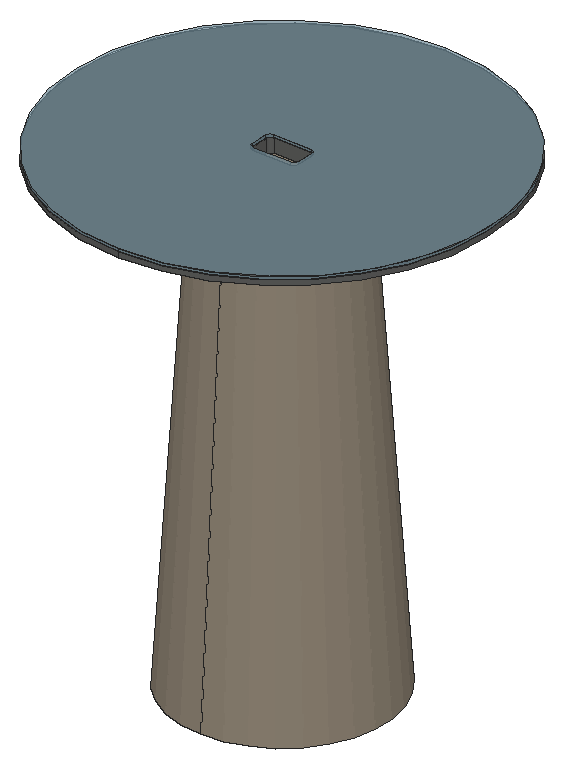
Revit family "Table-Teknion-MXSCO-Cone_Base_Round_Specialty_Top-Expansion_Meeting-R2023", category Furniture, Revit 2023
Family settings
  OmniClass Number = 23.40.20.00
  OmniClass Title = General Furniture and Specialties
  Work Plane-Based = No
  Enable Cutting in Views = No
  Always vertical = Yes
  Cut with Voids When Loaded = No
  Render Appearance Source = Family Geometry
  Shared = Yes
  Room Calculation Point = No
Parameters (values of type "(FD) Flush Module – Dual")
  Speciality Top Glass Finish [instance] = Backpainted Glass - Teknion - HV - Accent - Atmosphere
  Diameter [instance] = 36.000"
  Cut = yes
  (M) Flat Edge (1-3/16") [instance] = not([(W) Deep Knife Edge (1-3/16")])  # no
  Worksurface Finish [instance] = Foundation Laminate-Teknion-6K-Matte-Black
  Warranty = "http://www.teknion.com/ca/papers/legal-canada"
  Unit Weight URL = "http://www.teknion.com/ca/tools/assets#&asset=bee6a381-b954-425e-8283-5a2de3a804f2,f828d448-4b62-4231-9e5f-9a8991c0ed77"
  URL = "www.teknion.com"
  To render please download texture images found here [instance] = "https://assets.teknion.com/web/5e81352c1dfdb467/revit-material-swatches/"
  Sustainability Data = "https://www.teknion.com/ca/tools/assets#&topic=216f99a5-57a0-44fc-b10a-9dee9b29ae4c&asset=444deb64-fe58-4b68-981e-f75e97781df7,b4ff2d81-9f2e-437d-9659-7cffb09c31cf"
  Support Finish [instance] = Paint - Teknion - Mica - Sepia Bronze
  Series = "Meeting Tables"  # constant formula
  Product Page URL = "https://www.teknion.com/products/product-details?productlineid=3982336e-8e7a-673b-a6c8-ff00004460c4"
  Product Line = "Expansion"  # constant formula
  Product Documentation Link = "http://www.teknion.com/pricing/Expansion-meeting/pdfs/MXSCO_ppg.pdf"
  Part Number = "MXSCO"  # constant formula
  Model = "MXSCOW____FD"
  Manufacturer Phone = "416-661-3370"  # constant formula
  Manufacturer Fax = "416.661.4586"  # constant formula
  Manufacturer Contact Information = "http://www.teknion.com/ca/contactus"
  Manufacturer Address = "1150 Flint Road, Toronto, ON. M3J 2J5. Canada"  # constant formula
  Manufacturer = "Teknion"  # constant formula
  Leg - 48 [instance] = Diameter < 48.500"  # yes
  How To Use Teknion Materials User Guide [instance] = "https://assets.teknion.com/m/205dd0a49fa58060/original/How-to-add-a-Material-Library-and-Texture-Images-to-your-Revit-project.pdf"
  Height [instance] = 42.000"
  Grommet Dim [instance] = if(FT, 5.800", if(FD, 4.094", 4.094"))  # 4.094"
  For Additional Finishes please visit [instance] = "https://assets.teknion.com/m/44a8009b046e5d47/original/Teknion_Materials_Library.zip"
  FT = no
  FD = yes
  Edge Options [instance] = "Pick Only One"  # constant formula
  Description = "Cone Base Table – Round with Specialty Top"  # constant formula
  Default Elevation = 0.000"
  (W) Deep Knife Edge (1-3/16") [instance] = yes
  Available Height [instance] = "29, 36 & 42 Inches"  # constant formula
  Available Diameter [instance] = if(Height = 29.000", "42, 48 & 54 Inches", if(Height = 36.000", "36 & 42 Inches", if(Height = 42.000", "36 & 42 Inches", "36, 42, 48 & 54 Inches")))  # "36 & 42 Inches"
  Assembly Code = "E2020200"
Types (4): name | Speciality Top Glass Finish | Diameter | Cut | Worksurface Finish | Support Finish | Model | Leg - 48 | Height | Grommet Dim | FT | FD | Available Diameter
  (no name) | Backpainted Glass - Teknion - HV - Accent - Atmosphere | 36.000" | yes | Foundation Laminate-Teknion-6K-Matte-Black | Paint - Teknion - Mica - Sepia Bronze | "MXSCOW____FD" | yes | 42.000" | 4.094" | no | yes | "36 & 42 Inches"
  (NN) No Cutout | Backpainted Glass - Teknion - HS - Accent - Blush | 42.000" | no | Foundation Laminate - Teknion - XG - Very White | Paint - Teknion - KJ - Accent - Mulled Wine | "MXSCOW____NN" | yes | 29.000" | 4.094" | no | no | "42, 48 & 54 Inches"
  (FT) Flush Module – Triple | Backpainted Glass - Teknion - HT - Accent - Herbal | 54.000" | yes | Foundation Laminate - Teknion - XG - Very White | Paint - Teknion - CJ - Accent - Atmosphere | "MXSCOW____FT" | no | 29.000" | 5.800" | yes | no | "42, 48 & 54 Inches"
  (FD) Flush Module – Dual | Backpainted Glass - Teknion - HV - Accent - Atmosphere | 36.000" | yes | Foundation Laminate-Teknion-6K-Matte-Black | Paint - Teknion - Mica - Sepia Bronze | "MXSCOW____FD" | yes | 42.000" | 4.094" | no | yes | "36 & 42 Inches"
Reference planes (in)
  plane 1 "Center Front/Back": y = 0
  plane 2: z = 0
  plane 3 "Center Left/Right": x = 0
  plane 4 "Left": x = -18
  plane 5 "Right": x = 18
  plane 6 "Back": y = 18
  plane 7 "Front": y = -18
  plane 8 "Top": z = 42
Forms (in)
  Sweep 1, solid, material "Foundation Laminate-Teknion-6K-Matte-Black" <- "Worksurface Finish"
    path origin (0, 0, 0) x (1, 0, 0) y (0, 0, 1)
      loop
        line (0, 42) -> (0, 40.81102)
    profile origin (0, 0, 41.40551) x (0, -1, 0) y (1, 0, 0)
      loop
        circle (0, 0) r 18
  Sweep 2, void
    path in 3D
      loop
        arc (0, -18, 40.81102) -> (18, 0, 40.81102) -> (0, 18, 40.81102) r 18
        arc (0, 18, 40.81102) -> (-18, 0, 40.81102) -> (0, -18, 40.81102) r 18
    profile origin (-18, 0, 40.81102) x (-1, 0, 0) y (0, 0, -1)
      loop
        line (0, -0.77646) -> (0, 0) -> (-2.25499, 0) -> (0, -0.77646)
  Sweep 3, void
    path origin (0, 0, 0) x (1, 0, 0) y (0, 0, 1)
      loop
        line (0, 40.81102) -> (0, 43.31102)
    profile origin (0, 0, 42.06102) x (-1, 0, 0) y (0, -1, 0)
      loop
        arc (1.6533, -1.12205) -> (1.93169, -1.00673) -> (2.047, -0.72835) r 0.3937
        line (2.047, -0.72835) -> (2.047, 0.72835)
        arc (2.047, 0.72835) -> (1.93169, 1.00673) -> (1.6533, 1.12205) r 0.3937
        line (1.6533, 1.12205) -> (-1.6533, 1.12205)
        arc (-1.6533, 1.12205) -> (-1.93169, 1.00673) -> (-2.047, 0.72835) r 0.3937
        line (-2.047, 0.72835) -> (-2.047, -0.72835)
        arc (-2.047, -0.72835) -> (-1.93169, -1.00673) -> (-1.6533, -1.12205) r 0.3937
        line (-1.6533, -1.12205) -> (1.6533, -1.12205)
  Sweep 4, solid, material "Backpainted Glass - Teknion - HV - Accent - Atmosphere" <- "Speciality Top Glass Finish"
    path origin (0, 0, 0) x (1, 0, 0) y (0, 0, 1)
      loop
        line (0, 42) -> (0, 42.25)
    profile origin (0, 0, 42.125) x (-1, 0, 0) y (0, -1, 0)
      loop
        circle (0, 0) r 18
Cuts and joins
  Sweep 2, Sweep 3 cuts Sweep 1
  Sweep 3 cuts Sweep 4
Lines and regions (in)
  Masking region 1
    outline origin (0, 0, 0) x (1, 0, 0) y (0, 1, 0)
      loop
        circle (0, 0) r 18
  Masking region 2, visible <- "Cut"
    outline origin (0, 0, 0) x (1, 0, 0) y (0, 1, 0)
      loop
        arc (-1.6533, 1.12205) -> (-1.93169, 1.00673) -> (-2.047, 0.72835) r 0.3937
        line (-2.047, 0.72835) -> (-2.047, -0.72835)
        arc (-2.047, -0.72835) -> (-1.93169, -1.00673) -> (-1.6533, -1.12205) r 0.3937
        line (-1.6533, -1.12205) -> (1.6533, -1.12205)
        arc (1.6533, -1.12205) -> (1.93169, -1.00673) -> (2.047, -0.72835) r 0.3937
        line (2.047, -0.72835) -> (2.047, 0.72835)
        arc (2.047, 0.72835) -> (1.93169, 1.00673) -> (1.6533, 1.12205) r 0.3937
        line (1.6533, 1.12205) -> (-1.6533, 1.12205)
  sketch lines
    curve 1: arc (0, 18, 40.81102) -> (-18, 0, 40.81102) -> (0, -18, 40.81102) r 18
    curve 2: arc (0, -18, 40.81102) -> (18, 0, 40.81102) -> (0, 18, 40.81102) r 18
  reference lines
    curve 3: line (-18, 18, 0) -> (18, 18, 0)
    curve 4: line (-18, -18, 0) -> (-18, 18, 0)
    curve 5: line (18, -18, 0) -> (-18, -18, 0)
    curve 6: line (18, 18, 0) -> (18, -18, 0)
Dimensions and locks (in)
  "Diameter": plane 4 "Left" to plane 5 "Right"
  "Diameter": plane 6 "Back" to plane 7 "Front"
  "Height": plane 8 "Top" to level
  equal spacing: plane 4 "Left", plane 3 "Center Left/Right", plane 5 "Right"
  equal spacing: plane 6 "Back", plane 1 "Center Front/Back", plane 7 "Front"
  locked: plane 8 "Top" to Sweep 1 sketch curve at 1.18898
  Sweep 3 sketch curve to plane 8 "Top" to Sweep 3 sketch curve = 1.31102" locked, 1.18898" locked
  equal spacing: Sweep 3 sketch curve, profile plane, Sweep 3 sketch curve
  equal spacing: Sweep 3 sketch curve, profile plane, Sweep 3 sketch curve, locked at 1.12205 each
  "Grommet Dim": Sweep 3 sketch curve to Sweep 3 sketch curve
  Masking region 2 sketch curve to plane 1 "Center Front/Back" to Masking region 2 sketch curve = 1.12205" locked, 1.12205" locked
  equal spacing: Masking region 2 sketch curve, plane 3 "Center Left/Right", Masking region 2 sketch curve
  "Grommet Dim": Masking region 2 sketch curve to Masking region 2 sketch curve
  locked: Sweep 4 sketch curve to plane 8 "Top" at 0.25
  "Diameter": diameter of Sweep 1 sketch curve
  aligned and locked: level to plane 2
  aligned and locked: Sweep 1 sketch curve to plane 3 "Center Left/Right"
  aligned and locked: plane 8 "Top" to Sweep 1 sketch curve
  aligned and locked: plane 3 "Center Left/Right" to nested 1
  aligned and locked: plane 1 "Center Front/Back" to nested 1
  aligned and locked: Sweep 2 sketch curve to profile plane
  aligned and locked: profile plane to Sweep 2 sketch curve
  aligned and locked: plane 3 "Center Left/Right" to nested 2
  aligned and locked: plane 1 "Center Front/Back" to nested 2
  aligned and locked: plane 3 "Center Left/Right" to Sweep 3 sketch curve
  aligned and locked: Masking region 1 sketch curve to Sweep 2  (x2)
  aligned and locked: curve 3 to plane 6 "Back"
  aligned and locked: plane 4 "Left" to curve 4
  aligned and locked: curve 5 to plane 7 "Front"
  aligned and locked: plane 5 "Right" to curve 6
  aligned and locked: plane 8 "Top" to Sweep 4 sketch curve
  aligned and locked: plane 3 "Center Left/Right" to Sweep 4 sketch curve
  aligned and locked: Sweep 4 sketch curve to cut or joined group of Sweep 1, Sweep 2, Sweep 3  (x2)
Automatic sketch dimensions
  Sweep 2 sketch curve to profile plane = 0.77646"
  profile plane to Sweep 2 sketch curve = 2.25499"
  Masking region 1 sketch curve to plane 3 "Center Left/Right" = 0.000"  (x2)
  plane 1 "Center Front/Back" to Sweep 1 sketch curve = 0.000"
  Sweep 1 sketch curve to profile plane = 0.000"
  Sweep 3 sketch curve to Sweep 3 sketch curve = 0.3937"  (x4)
  Sweep 3 sketch curve to plane 1 "Center Front/Back" = 1.12205"
  Masking region 2 sketch curve to Masking region 2 sketch curve = 0.3937"  (x4)
Nested families (in)
  nested 1: "Teknion_2D_Node_Family-R2021" at (0, 0, 0), type "Teknion_2D_Node_Family-R2021"
  nested 2: "Leg-Cone-Exp_Meeting-R2022" at (0, 0, 0), Height <- "Height", 48- <- "Leg - 48", Support Finish <- "Support Finish", type "Cone Base"
    with Width 18.000", To render please download texture images found here "https://assets.teknion.com/web/5e81352c1dfdb467/revit-material-swatches/", Support Finish Paint - Teknion - Mica - Sepia Bronze, How To Use Teknion Materials User Guide "https://assets.teknion.com/m/205dd0a49fa58060/original/How-to-add-a-Material-Library-and-Texture-Images-to-your-Revit-project.pdf", Height 42.000", For Additional Finishes please visit "https://assets.teknion.com/m/44a8009b046e5d47/original/Teknion_Materials_Library.zip", Depth 6.250", 48- yes, 48+ no
Definition of nested family "Leg-Cone-Exp_Meeting-R2022"
  Parameters (values of type "Cone Base")
    Width [instance] = if([48-], 18.000", 21.000")  # 21.000"
    Warranty = "http://www.teknion.com/ca/papers/legal-canada"
    Unit Weight URL = "http://www.teknion.com/ca/tools/assets#&asset=bee6a381-b954-425e-8283-5a2de3a804f2,f828d448-4b62-4231-9e5f-9a8991c0ed77"
    URL = "www.teknion.com"
    To render please download texture images found here [instance] = "https://assets.teknion.com/web/5e81352c1dfdb467/revit-material-swatches/"
    Sustainability Data = "https://www.teknion.com/ca/tools/assets#&topic=216f99a5-57a0-44fc-b10a-9dee9b29ae4c&asset=444deb64-fe58-4b68-981e-f75e97781df7,b4ff2d81-9f2e-437d-9659-7cffb09c31cf"
    Support Finish [instance] = none
    Series = ""
    Product Page URL = ""
    Product Line = ""
    Product Documentation Link = ""
    Part Number = ""
    Model = "1"
    Manufacturer Phone = "416-661-3370"  # constant formula
    Manufacturer Fax = "416.661.4586"  # constant formula
    Manufacturer Contact Information = "http://www.teknion.com/ca/contactus"
    Manufacturer Address = "1150 Flint Road, Toronto, ON. M3J 2J5. Canada"  # constant formula
    Manufacturer = "Teknion"  # constant formula
    Length = 0.000"
    How To Use Teknion Materials User Guide [instance] = "https://assets.teknion.com/m/205dd0a49fa58060/original/How-to-add-a-Material-Library-and-Texture-Images-to-your-Revit-project.pdf"
    Height [instance] = 48.000"
    For Additional Finishes please visit [instance] = "https://assets.teknion.com/m/44a8009b046e5d47/original/Teknion_Materials_Library.zip"
    Depth [instance] = if([48-], 6.250", 7.000")  # 7.000"
    Default Elevation = 0.000"
    Assembly Code = "E2020200"
    48- [instance] = no
    48+ [instance] = yes
  Reference planes (in)
    plane 1 "Center Front/Back": y = 0
    plane 2: z = 0
    plane 3 "Center Left/Right": x = 0
    plane 4 "Left": x = -10.5
    plane 5 "Right": x = 10.5
    plane 6 "Back": y = 10.5
    plane 7 "Front": y = -10.5
    plane 8 "Top": z = 48
  Forms (in)
    SweptBlend 1, solid, material <- "Support Finish"
      path origin (0, 0, 0) x (1, 0, 0) y (0, 0, 1)
        loop
          line (0, 46.622) -> (0, 0.122)
      profile origin (0, 0, 46.622) x (0, -1, 0) y (1, 0, 0)
        loop
          circle (0.16417, -0.01026) r 7
      end profile origin (0, 0, 0.122) x (0, -1, 0) y (1, 0, 0)
        loop
          circle (0, 0) r 10.5
    Extrusion 2, solid, material <- "Support Finish"
      sketch origin (-0.01026, -0.16417, 46.622) x (1, 0, 0) y (0, 1, 0)
        loop
          line (7.62837, 10.66417) -> (-7.60785, 10.66417)
          arc (-7.60785, 10.66417) -> (-9.64565, 9.82009) -> (-10.48974, 7.78228) r 2.88189
          line (-10.48974, 7.78228) -> (-10.48974, -7.45394)
          arc (-10.48974, -7.45394) -> (-9.64565, -9.49174) -> (-7.60785, -10.33583) r 2.88189
          line (-7.60785, -10.33583) -> (7.62837, -10.33583)
          arc (7.62837, -10.33583) -> (9.66617, -9.49174) -> (10.51026, -7.45394) r 2.88189
          line (10.51026, -7.45394) -> (10.51026, 7.78228)
          arc (10.51026, 7.78228) -> (9.66617, 9.82009) -> (7.62837, 10.66417) r 2.88189
      from 0 to 0.18898
    Sweep 3, solid
      path origin (0, 0, 0) x (1, 0, 0) y (0, 0, 1)
        loop
          line (0, 0.31496) -> (0, 0)
      profile origin (0, 0, 0.15748) x (0, -1, 0) y (1, 0, 0)
        loop
          circle (-8.31259, 4.78451) r 0.5
        loop
          circle (-8.31259, -4.78451) r 0.5
        loop
          circle (8.21884, 4.78451) r 0.5
        loop
          circle (8.21884, -4.78451) r 0.5
        loop
          circle (-0.03125, 9.55797) r 0.5
        loop
          circle (-0.03125, -9.52672) r 0.5
  Lines and regions (in)
    Masking region 1, detail levels medium+fine
      outline origin (0, 0, 0) x (1, 0, 0) y (0, 1, 0)
        loop
          line (7.61811, 10.5) -> (-7.61811, 10.5)
          arc (-7.61811, 10.5) -> (-9.65591, 9.65591) -> (-10.5, 7.61811) r 2.88189
          line (-10.5, 7.61811) -> (-10.5, -7.61811)
          arc (-10.5, -7.61811) -> (-9.65591, -9.65591) -> (-7.61811, -10.5) r 2.88189
          line (-7.61811, -10.5) -> (7.61811, -10.5)
          arc (7.61811, -10.5) -> (9.65591, -9.65591) -> (10.5, -7.61811) r 2.88189
          line (10.5, -7.61811) -> (10.5, 7.61811)
          arc (10.5, 7.61811) -> (9.65591, 9.65591) -> (7.61811, 10.5) r 2.88189
    symbolic lines, detail levels medium+fine
      curve 1: arc (0, -10.5, 0) -> (-10.5, 0, 0) -> (0, 10.5, 0) r 10.5
      curve 18: arc (0, 10.35, 0) -> (10.35, 0, 0) -> (0, -10.35, 0) r 10.35
      curve 19: arc (-0.01026, -6.96417, 0) -> (6.78974, -0.16417, 0) -> (-0.01026, 6.63583, 0) r 6.8
      curve 20: arc (-0.01026, 6.63583, 0) -> (-6.81026, -0.16417, 0) -> (-0.01026, -6.96417, 0) r 6.8
    symbolic lines, detail levels fine
      curve 2: arc (0, 10.5, 0) -> (10.5, 0, 0) -> (0, -10.5, 0) r 10.5
      curve 3: arc (-0.01026, 6.83583, 0) -> (-7.01026, -0.16417, 0) -> (-0.01026, -7.16417, 0) r 7
      curve 4: arc (-0.01026, -7.16417, 0) -> (6.98974, -0.16417, 0) -> (-0.01026, 6.83583, 0) r 7
      curve 5: arc (4.78451, 7.81259, 0) -> (5.28451, 8.31259, 0) -> (4.78451, 8.81259, 0) r 0.5
      curve 6: arc (4.78451, 8.81259, 0) -> (4.28451, 8.31259, 0) -> (4.78451, 7.81259, 0) r 0.5
      curve 7: arc (9.55797, 0.53125, 0) -> (9.05797, 0.03125, 0) -> (9.55797, -0.46875, 0) r 0.5
      curve 8: arc (9.55797, -0.46875, 0) -> (10.05797, 0.03125, 0) -> (9.55797, 0.53125, 0) r 0.5
      curve 9: arc (4.78451, -7.71884, 0) -> (4.28451, -8.21884, 0) -> (4.78451, -8.71884, 0) r 0.5
      curve 10: arc (4.78451, -8.71884, 0) -> (5.28451, -8.21884, 0) -> (4.78451, -7.71884, 0) r 0.5
      curve 11: arc (-4.78451, -7.71884, 0) -> (-5.28451, -8.21884, 0) -> (-4.78451, -8.71884, 0) r 0.5
      curve 12: arc (-4.78451, -8.71884, 0) -> (-4.28451, -8.21884, 0) -> (-4.78451, -7.71884, 0) r 0.5
      curve 13: arc (-9.52672, 0.53125, 0) -> (-10.02672, 0.03125, 0) -> (-9.52672, -0.46875, 0) r 0.5
      curve 14: arc (-9.52672, -0.46875, 0) -> (-9.02672, 0.03125, 0) -> (-9.52672, 0.53125, 0) r 0.5
      curve 15: arc (-4.78451, 7.81259, 0) -> (-4.28451, 8.31259, 0) -> (-4.78451, 8.81259, 0) r 0.5
      curve 16: arc (-4.78451, 8.81259, 0) -> (-5.28451, 8.31259, 0) -> (-4.78451, 7.81259, 0) r 0.5
      curve 17: arc (0, -10.35, 0) -> (-10.35, 0, 0) -> (0, 10.35, 0) r 10.35
  Dimensions and locks (in)
    "Width": plane 4 "Left" to plane 5 "Right"
    "Width": plane 6 "Back" to plane 7 "Front"
    "Height": plane 8 "Top" to level
    equal spacing: plane 6 "Back", plane 1 "Center Front/Back", plane 7 "Front"
    locked: SweptBlend 1 sketch curve to plane 2 at 0.122
    locked: plane 8 "Top" to SweptBlend 1 sketch curve at 1.378
    equal spacing: plane 4 "Left", plane 3 "Center Left/Right", plane 5 "Right"
    plane 6 "Back" to Sweep 3 sketch curve to Sweep 3 sketch curve = 1.68741" locked, 0.000" locked
    locked: plane 4 "Left" to Sweep 3 sketch curve at 0.47328
    locked: plane 1 "Center Front/Back" to Sweep 3 sketch curve at 0.53125  (x2)
    locked: Sweep 3 sketch curve to plane 5 "Right" at 0.44203
    locked: plane 7 "Front" to Sweep 3 sketch curve at 1.78116
    locked: plane 7 "Front" to Sweep 3 sketch curve at 2.28116
    locked: Sweep 3 sketch curve to plane 3 "Center Left/Right" at 4.78451  (x2)
    locked: plane 3 "Center Left/Right" to Sweep 3 sketch curve at 4.78451  (x2)
    "Width": diameter of SweptBlend 1 sketch curve
    "Depth": radius of SweptBlend 1 sketch curve
    aligned and locked: level to plane 2
    aligned and locked: Sweep 3 sketch curve to plane 3 "Center Left/Right"
    aligned and locked: plane 6 "Back" to Extrusion 2 sketch curve
    aligned and locked: Extrusion 2 sketch curve to plane 5 "Right"
    aligned and locked: plane 7 "Front" to Extrusion 2 sketch curve
    aligned and locked: Extrusion 2 sketch curve to plane 4 "Left"
    aligned and locked: Masking region 1 sketch curve to Extrusion 2  (x4)
    aligned and locked: curve 1 to SweptBlend 1
    aligned and locked: curve 2 to SweptBlend 1
    aligned and locked: curve 3 to SweptBlend 1
    aligned and locked: curve 4 to SweptBlend 1
    aligned and locked: curve 5 to Sweep 3
    aligned and locked: curve 6 to Sweep 3
    aligned and locked: curve 7 to Sweep 3
    aligned and locked: curve 8 to Sweep 3
    aligned and locked: curve 9 to Sweep 3
    aligned and locked: curve 10 to Sweep 3
    aligned and locked: curve 11 to Sweep 3
    aligned and locked: curve 12 to Sweep 3
    aligned and locked: curve 13 to Sweep 3
    aligned and locked: curve 14 to Sweep 3
    aligned and locked: curve 15 to Sweep 3
    aligned and locked: curve 16 to Sweep 3
  Automatic sketch dimensions
    SweptBlend 1 sketch curve to plane 3 "Center Left/Right" = 0.000"
    Extrusion 2 sketch curve to Extrusion 2 sketch curve = 2.88189"  (x4)
    Sweep 3 sketch curve to level = 0.000"
    Sweep 3 sketch curve to Sweep 3 sketch curve = 0.31496"
    Sweep 3 sketch curve to plane 1 "Center Front/Back" = 0.03125"  (x2)
    curve 1 to curve 17 = 0.000"  (x2)
    curve 3 to curve 19 = 0.000"  (x2)
    curve 17 to plane 7 "Front" = 0.150"
    curve 3 to curve 19 = 0.200"
    curve 17 to plane 3 "Center Left/Right" = 0.000"
    profile plane to SweptBlend 1 sketch curve = 0.01026"
    plane 1 "Center Front/Back" to SweptBlend 1 sketch curve = 0.16417"
    plane 1 "Center Front/Back" to SweptBlend 1 sketch curve = 0.000"
    SweptBlend 1 sketch curve to profile plane = 0.000"
    radius of Sweep 3 sketch curve = 0.500"  (x4)
Definition of nested family "Teknion_2D_Node_Family-R2021"
  Reference planes (in)
    plane 1 "Center (Front/Back)": y = 0
    plane 2: z = 0
    plane 3 "Center (Left/Right)": x = 0
  Lines and regions (in)
    detail lines, in view "Ref. Level"
      curve 1: circle (0, 0, 0) r 1.25 normal (0, 0, 1)
      curve 2: line (1.91508, -1.91508, 0) -> (-1.91508, 1.91508, 0)
      curve 3: line (-1.91508, -1.91508, 0) -> (1.91508, 1.91508, 0)
